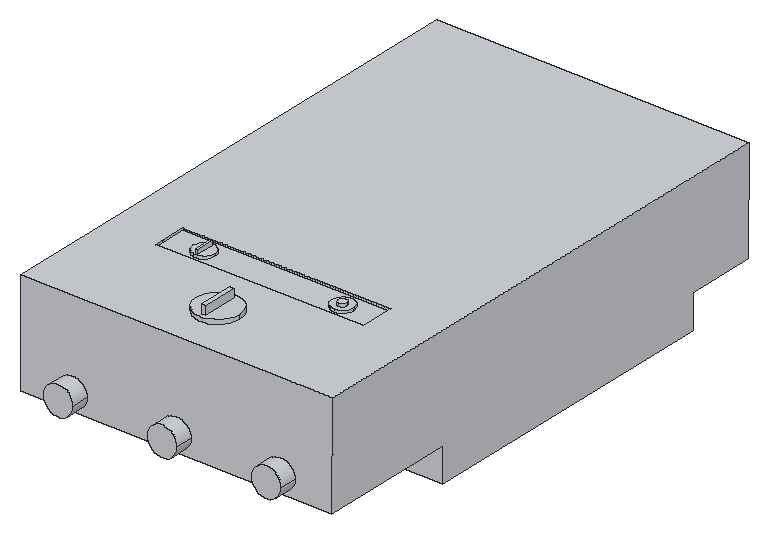
Revit family "5296cd103b894270b9170f5210c74a00", category Mechanical Equipment, host Face, Revit 2021
Family settings
  Host = Face
  Round Connector Dimension = Use Radius
  Part Type = Normal
  OmniClass Number = 23.65.35.11.14
  OmniClass Title = Instantaneous Water Heaters
  Seek Item ID = Water Heater - Tankless-0000-USA-ENU
  Cut with Voids When Loaded = No
  Shared = No
  Room Calculation Point = No
Parameters (values of type "0.6 Gallon")
  Water Heater Width = 0' - 8"
  Water Heater Material = none
  Water Heater Length = 1' - 6"
  Water Heater Height = 2' - 6"
  Voltage = 120 V
  Vent Radius = 2"
  Vent Diameter = 2 * Vent Radius  # 4"
  Number of Poles = 1
  Load Classification = Appliance - Dwelling Unit
  Hot Water Radius = 1/4"
  Hot Water Diameter = 2 * Hot Water Radius  # 1/2"
  Half Water Heater Length = Water Heater Length / 2  # 0' - 9"
  Gas Radius = 1/4"
  Gas Diameter = 2 * Gas Radius  # 1/2"
  Flow Pressure [instance] = 25.00 psi
  Flow [instance] = 13 GPM
  Default Elevation = 5' - 0"
  Cold Water Radius = 1/4"
  Cold Water Diameter = 2 * Cold Water Radius  # 1/2"
  Apparent Load = 125 VA
Reference planes (in)
  plane 1 "Center (Front/Back)": y = 0
  plane 2: z = 0
  plane 3 "Center (Left/Right)": x = 0
  plane 4: y = 30
  plane 5: x = -9
  plane 6: x = 9
  plane 7: z = 2
  plane 8: z = 8
  plane 9: y = 8
  plane 10: y = 26
  plane 11: y = -1
  plane 12: z = 3
  plane 13: x = -6
  plane 14: x = 6
  plane 15: y = 6
  plane 16: x = -6
  plane 17: x = 6
  plane 18: z = 7.875
  plane 19: x = -4
  plane 20: x = 4
  plane 21: y = 7
  plane 22: y = 3
  plane 23: z = 8.25
  plane 24: z = 8.125
  plane 25: x = 0.125
  plane 26: x = -0.125
  plane 27: z = 8.75
  plane 28: y = 4
  plane 29: y = 2
  plane 30: x = -4.0625
  plane 31: x = -3.9375
  plane 32: y = 7.5
  plane 33: y = 6.5
  plane 34: z = 5
Forms (in)
  Extrusion 1, solid, material <- "Water Heater Material", detail levels fine
    sketch origin (0, 0, 0) x (0, 1, 0) y (0, 0, 1)
      loop
        line (30, 8) -> (0, 8) -> (0, 2) -> (8, 2) -> (8, 0) -> (26, 0) -> (26, 2) -> (30, 2) -> (30, 8)
    from -9 to 9
  Extrusion 2, solid, material <- "Water Heater Material", detail levels fine
    sketch origin (0, 0, 0) x (1, 0, 0) y (0, 0, 1)
      loop
        circle (-6, 3) r 0.84375
      loop
        circle (0, 3) r 0.84375
      loop
        circle (6, 3) r 0.84375
    from 1 to 0
  Extrusion 3, void
    sketch origin (0, 0, 0) x (1, 0, 0) y (0, 1, 0)
      loop
        line (-6, 8) -> (-6, 6) -> (6, 6) -> (6, 8) -> (-6, 8)
    from 7.875 to 8
  Extrusion 4, solid, material <- "Water Heater Material", detail levels fine
    sketch origin (0, 0, 0) x (1, 0, 0) y (0, 1, 0)
      loop
        circle (-4, 7) r 0.625
      loop
        circle (4, 7) r 0.625
    from 7.875 to 8
  Extrusion 5, solid, material <- "Water Heater Material", detail levels fine
    sketch origin (0, 0, 0) x (1, 0, 0) y (0, 1, 0)
      loop
        circle (0, 3) r 1.25
    from 8 to 8.25
  Extrusion 6, solid, material <- "Water Heater Material", detail levels fine
    sketch origin (0, 0, 0) x (1, 0, 0) y (0, 1, 0)
      loop
        circle (4, 7) r 0.25
    from 8 to 8.125
  Extrusion 7, solid, material <- "Water Heater Material", detail levels fine
    sketch origin (0, 0, 0) x (1, 0, 0) y (0, 1, 0)
      loop
        line (-0.125, 4) -> (-0.125, 2) -> (0.125, 2) -> (0.125, 4) -> (-0.125, 4)
    from 8.25 to 8.75
  Extrusion 8, solid, material <- "Water Heater Material", detail levels fine
    sketch origin (0, 0, 0) x (1, 0, 0) y (0, 1, 0)
      loop
        line (-4.0625, 7.5) -> (-4.0625, 6.5) -> (-3.9375, 6.5) -> (-3.9375, 7.5) -> (-4.0625, 7.5)
    from 8 to 8.25
  Extrusion 9, solid
    sketch origin (0, 0, 0) x (1, 0, 0) y (0, 1, 0)
      loop
        circle (0, 6) r 0.125
    from 3 to 2
  Extrusion 10, solid, material <- "Water Heater Material", detail levels fine
    sketch origin (0, 0, 0) x (1, 0, 0) y (0, 0, 1)
      loop
        circle (0, 5) r 0.5
    from -26 to -30
  Extrusion 11, solid, material <- "Water Heater Material", detail levels coarse+medium
    sketch origin (0, 0, 0) x (1, 0, 0) y (0, 0, 1)
      loop
        line (9, 8) -> (-9, 8) -> (-9, 0) -> (9, 0) -> (9, 8)
    from -30 to 1
Cuts and joins
  Extrusion 3 cuts Extrusion 1
  joined: Extrusion 1, Extrusion 2, Extrusion 4, Extrusion 5, Extrusion 6, Extrusion 7, Extrusion 8, Extrusion 10
Dimensions and locks (in)
  "Water Heater Height": plane 4 to plane 1 "Center (Front/Back)"
  "Half Water Heater Length": plane 5 to plane 3 "Center (Left/Right)"
  "Water Heater Length": plane 5 to plane 6
  locked: plane 7 to plane 2 at 2
  "Water Heater Width": plane 2 to plane 8
  locked: plane 4 to plane 10 at 4
  locked: plane 9 to plane 1 "Center (Front/Back)" at 8
  locked: plane 11 to Extrusion 1 at 1
  locked: plane 12 to plane 2 at 3
  locked: plane 13 to plane 5 at 3
  locked: plane 6 to plane 14 at 3
  locked: plane 15 to plane 1 "Center (Front/Back)" at 6
  locked: plane 16 to plane 3 "Center (Left/Right)" at 6
  locked: plane 3 "Center (Left/Right)" to plane 17 at 6
  locked: plane 8 to plane 18 at 0.125
  locked: plane 19 to plane 3 "Center (Left/Right)" at 4
  locked: plane 3 "Center (Left/Right)" to plane 20 at 4
  equal spacing: plane 9, plane 21, plane 15
  locked: plane 22 to plane 1 "Center (Front/Back)" at 3
  locked: plane 23 to plane 8 at 0.25
  locked: plane 24 to plane 8 at 0.125
  locked: plane 3 "Center (Left/Right)" to plane 25 at 0.125
  locked: plane 26 to plane 3 "Center (Left/Right)" at 0.125
  locked: plane 23 to plane 27 at 0.5
  locked: plane 28 to plane 22 at 1
  locked: plane 22 to plane 29 at 1
  locked: plane 30 to plane 19 at 0.0625
  locked: plane 19 to plane 31 at 0.0625
  locked: plane 32 to plane 21 at 0.5
  locked: plane 21 to plane 33 at 0.5
  equal spacing: plane 7, plane 34, plane 8
  radius of Extrusion 2 sketch curve = 0' - 0 27/32"  (x3)
  radius of Extrusion 4 sketch curve = 0' - 0 5/8"  (x2)
  radius of Extrusion 5 sketch curve = 0' - 1 1/4"
  radius of Extrusion 6 sketch curve = 0' - 0 1/4"
  aligned and locked: plane 2 to host face
  aligned and locked: level to host face
  aligned and locked: plane 4 to Extrusion 1
  aligned and locked: plane 8 to Extrusion 1  (x2)
  aligned and locked: plane 1 "Center (Front/Back)" to Extrusion 1
  aligned and locked: Extrusion 1 to plane 7  (x2)
  aligned and locked: Extrusion 1 to plane 2
  aligned and locked: Extrusion 1 to plane 10
  aligned and locked: Extrusion 1 to plane 5
  aligned and locked: plane 6 to Extrusion 1
  aligned and locked: plane 14 to Extrusion 2 sketch curve
  aligned and locked: plane 12 to Extrusion 2 sketch curve  (x3)
  aligned and locked: plane 3 "Center (Left/Right)" to Extrusion 2 sketch curve
  aligned and locked: plane 13 to Extrusion 2 sketch curve
  aligned and locked: Extrusion 2 to plane 11
  aligned and locked: Extrusion 2 to plane 1 "Center (Front/Back)"
  aligned and locked: cut or joined group 1 (Extrusion 1, Extrusion 2, Extrusion 3, Extrusion 4, Extrusion 5, Extrusion 6, Extrusion 7, Extrusion 8, Extrusion 10) to plane 16
  aligned and locked: cut or joined group 1 to plane 15
  aligned and locked: plane 17 to cut or joined group 1
  aligned and locked: cut or joined group 1 to plane 9
  aligned and locked: plane 8 to Extrusion 3
  aligned and locked: Extrusion 3 to plane 18
  aligned and locked: plane 20 to Extrusion 4 sketch curve
  aligned and locked: plane 21 to Extrusion 4 sketch curve  (x2)
  aligned and locked: plane 19 to Extrusion 4 sketch curve
  aligned and locked: cut or joined group 1 to Extrusion 4
  aligned and locked: plane 8 to Extrusion 4
  aligned and locked: plane 3 "Center (Left/Right)" to Extrusion 5 sketch curve
  aligned and locked: plane 22 to Extrusion 5 sketch curve
  aligned and locked: plane 23 to Extrusion 5
  aligned and locked: Extrusion 5 to plane 8
  aligned and locked: plane 20 to Extrusion 6 sketch curve
  aligned and locked: plane 21 to Extrusion 6 sketch curve
  aligned and locked: plane 24 to Extrusion 6
  aligned and locked: Extrusion 6 to plane 8
  aligned and locked: plane 26 to Extrusion 7
  aligned and locked: Extrusion 7 to plane 25
  aligned and locked: plane 28 to Extrusion 7
  aligned and locked: Extrusion 7 to plane 29
  aligned and locked: plane 27 to Extrusion 7
  aligned and locked: Extrusion 7 to Extrusion 5
  aligned and locked: plane 31 to Extrusion 8
  aligned and locked: Extrusion 8 to plane 30
  aligned and locked: plane 32 to Extrusion 8
  aligned and locked: Extrusion 8 to plane 33
  aligned and locked: Extrusion 5 to Extrusion 8
  aligned and locked: Extrusion 8 to plane 8
  aligned and locked: plane 3 "Center (Left/Right)" to Extrusion 9 sketch curve
  aligned and locked: plane 15 to Extrusion 9 sketch curve
  aligned and locked: plane 7 to Extrusion 9
  aligned and locked: plane 12 to Extrusion 9
  aligned and locked: plane 3 "Center (Left/Right)" to Extrusion 10 sketch curve
  aligned and locked: plane 34 to Extrusion 10 sketch curve
  aligned and locked: plane 4 to Extrusion 10
  aligned and locked: plane 10 to Extrusion 10
  aligned and locked: plane 4 to Extrusion 11
  aligned and locked: plane 8 to Extrusion 11
  aligned and locked: plane 6 to Extrusion 11
  aligned and locked: Extrusion 11 to plane 5
  aligned and locked: Extrusion 11 to plane 2
  aligned and locked: plane 11 to Extrusion 11
Automatic sketch dimensions
  Extrusion 1 sketch curve to plane 1 "Center (Front/Back)" = 0' - 0"
  Extrusion 1 sketch curve to plane 7 = 0' - 0"  (x2)
  Extrusion 1 sketch curve to plane 9 = 0' - 0"
  Extrusion 1 sketch curve to level = 0' - 0"
  Extrusion 1 sketch curve to plane 10 = 0' - 0"
  Extrusion 1 sketch curve to plane 4 = 0' - 0"
  Extrusion 1 sketch curve to plane 8 = 0' - 0"
  plane 13 to Extrusion 3 sketch curve = 0' - 0"
  Extrusion 3 sketch curve to plane 14 = 0' - 0"
  Extrusion 3 sketch curve to plane 15 = 0' - 0"
  Extrusion 3 sketch curve to plane 9 = 0' - 0"
  Extrusion 7 sketch curve to plane 26 = 0' - 0"
  Extrusion 7 sketch curve to plane 25 = 0' - 0"
  Extrusion 7 sketch curve to plane 29 = 0' - 0"
  Extrusion 7 sketch curve to plane 28 = 0' - 0"
  Extrusion 8 sketch curve to plane 30 = 0' - 0"
  Extrusion 8 sketch curve to plane 31 = 0' - 0"
  Extrusion 8 sketch curve to plane 33 = 0' - 0"
  Extrusion 8 sketch curve to plane 32 = 0' - 0"
  Extrusion 11 sketch curve to plane 5 = 0' - 0"
  Extrusion 11 sketch curve to level = 0' - 0"
  Extrusion 11 sketch curve to plane 6 = 0' - 0"
  Extrusion 11 sketch curve to plane 8 = 0' - 0"
  host sketch curve to host sketch curve = 4' - 9"
  host sketch curve to host sketch curve = 8' - 0"
  radius of Extrusion 9 sketch curve = 0' - 0 1/8"
  radius of Extrusion 10 sketch curve = 0' - 0 1/2"
Connectors (in)
  piping at (0, -1, 3), diameter 0.5, driven by "Cold Water Radius", driven by "Flow Pressure", driven by "Flow"
    settings: on cut or joined group 1, index 1, connector inside diameter 1/2", connector length 0' - 0", flow factor 0, pipe flow 13 GPM, pressure drop 25.00 psi, fitting loss kfactor 0, connector angle 0.00°, fixture units 0, engagement length 0' - 0", angle of deflection 0.00°, flow configuration 1, flow direction 1, fitting loss method 0, system type 20, joint type 0, gender type 0, connector reference index 2, connector utility 0, adjustable connector no, is connector primary yes, connector description "In"
  piping at (-6, -1, 3), diameter 0.5, driven by "Hot Water Radius", driven by "Flow", driven by "Flow Pressure"
    settings: on cut or joined group 1, index 2, connector inside diameter 1/2", connector length 0' - 0", flow factor 0, pipe flow 13 GPM, pressure drop 25.00 psi, fitting loss kfactor 0, connector angle 0.00°, fixture units 0, engagement length 0' - 0", angle of deflection 0.00°, flow configuration 0, flow direction 2, fitting loss method 0, system type 19, joint type 0, gender type 0, connector reference index 1, connector utility 0, adjustable connector no, is connector primary no, connector description "Out"
  piping at (6, -1, 3), diameter 0.5, driven by "Gas Radius"
    settings: on cut or joined group 1, index 3, connector inside diameter 1/2", connector length 0' - 0", flow factor 0, pipe flow 0 GPM, pressure drop 0.00 psi, fitting loss kfactor 0, connector angle 0.00°, fixture units 0, engagement length 0' - 0", angle of deflection 0.00°, flow configuration 1, flow direction 1, fitting loss method 0, system type 22, joint type 0, gender type 0, connector reference index -1, connector utility 0, adjustable connector no, is connector primary no, connector description "Gas In"
  hvac at (0, 30, 5), driven by "Vent Radius"
    settings: on cut or joined group 1, index 4, duct flow 0 CFM, flow factor 0, pres drop 0.00 in-wg, loss coef 0, conn angle 0.00°, conn width 12", conn height 12", conn diameter 4", duct sys type 3, conn prof type 0, flow config 1, flow direction 2, loss method 0, conn ref index -1, conn util no, is conn primary yes, conn desc ""
  electrical at (0, 6, 3), driven by "Apparent Load", driven by "Voltage", driven by "Number of Poles", driven by "Load Classification"
    settings: on Extrusion 9, index 5, voltage 120 V, apparent load 125 VA, apparent load phase1 0 VA, apparent load phase2 0 VA, apparent load phase3 0 VA, power factor 0.8, load classification "Appliance - Dwelling Unit", number of poles 1, system type 30, power factor state 1, is connector primary yes, connector utility no, sub classification motor no, connector description ""
